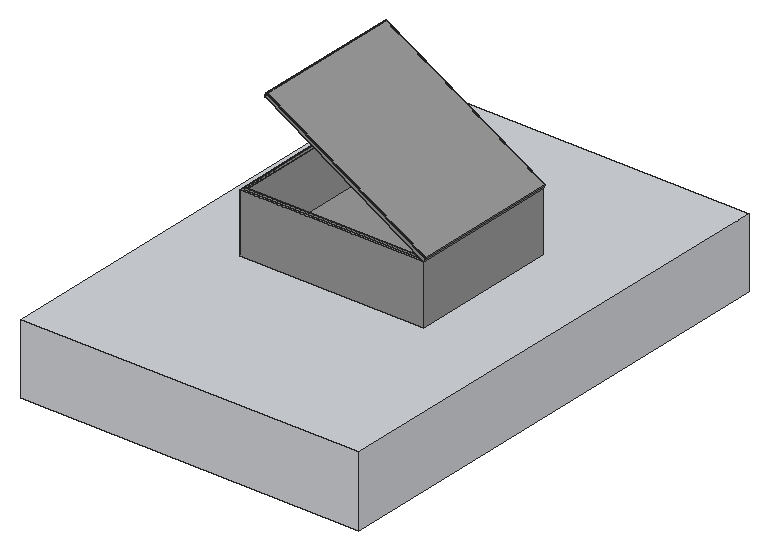
Revit family "Hager-Univers-IP55-D275-H650-Cl.II-Steel_encl-PL-en", category Equipement électrique, Revit 2020
Family settings
  Hôte = Face
  Configuration du panneau = Deux colonnes, circuits au sein
  Cote de connecteur circulaire = Utiliser le diamètre
  Type d'élément = Tableau de raccordement
  Couper avec des vides une fois chargée = Non
  Partagée = Non
  Point de calcul de pièce = Non
Parameters (values of type "Surface mounted (plaster) IP55 W800 H650 D275  - FR43S")
  Width Control [instance] = if([EF000008 - Width] > Min Width, [EF000008 - Width], Min Width)  # 800 mm
  Commentaires du type = [HG000003 - Range]  # "Univers"
  Thickness Door [instance] = if([EF009171 - Material plate thickness door/cover] > 3 mm, 3 mm, [EF009171 - Material plate thickness door/cover])  # 1.5 mm
  Seal Frame Offset [instance] = 17 mm  # constant formula
  Plinth Visibility [instance] = [HG000027 - Plinth height] > 0 mm  # no
  Model = ""
  Min Width [instance] = 100 mm  # constant formula
  Min Height [instance] = 100 mm  # constant formula
  Min Depth [instance] = (2 * [EF009170 - Material plate thickness cabinet]) + 1 mm  # 4 mm
  Internal Frame Depth [instance] = (Door System Depth * 0.5)  # 9 mm
  Height Control [instance] = if([EF000040 - Height] > Min Height, [EF000040 - Height], Min Height)  # 650 mm
  HG000027 - Plinth height = 0 mm
  HG000026 - Floor standing = no
  HG000024 - Bottom section height = 800 mm
  HG000023 - Double section enclosure = no
  HG000016 - Door 3d visibility [instance] = yes
  HG000015 - Clearance visibility [instance] = no
  HG000014 - Door on the right [instance] = yes
  HG000013 - Door on the left [instance] = not([HG000014 - Door on the right])  # no
  HG000012 - Door swing angle [instance] = 30.00°
  HG000010 - Asymmetric doors = no
  HG000009 - Double swing door = no
  HG000006 - Flush mounted = no
  HG000004 - Manufacturer reference = "FR43S"
  HG000003 - Range = "Univers"
  HG000002 - With door or cover = yes
  Frame Offset Bottom [instance] = 10 mm  # constant formula
  Frame Offset [instance] = 15 mm  # constant formula
  EF015940 - Cover with overpressure release = no
  EF011959 - Degree of protection (NEMA) = ""
  EF009554 - Number of openings for flange plates = 6
  EF009212 - Cover model = "EV000116 - Closed"
  EF009171 - Material plate thickness door/cover = 1.5 mm
  EF009170 - Material plate thickness cabinet = 1.5 mm
  Fabricant = "Hager"  # constant formula
  EF008873 - Nominal current (In) = 800 A
  EF007800 - Suitable for lightning protection = no
  EF006306 - With lock = no
  EF006244 - Transparent cover/door = no
  EF005474 - Degree of protection (IP) = "EV006420 - IP55"
  EF004464 - Type of door = "EV002646 - Single"
  EF004427 - Number of modules = 144
  EF004293 - Impact strength = "EV008784 - IK10"
  EF003532 - Suitable for outdoor use = no
  EF002950 - Width in number of modular spacings = 24
  EF001613 - Circuit integrity = "EV000494 - None"
  EF001596 - Material housing = "EV000179 - Steel"
  EF001131 - Internal depth = 275 mm
  EF001088 - Extension possible = yes
  EF000437 - Number of conduit inlets = 6
  EF000339 - Type of cover = "EV004216 - Door"
  EF000266 - Number of rows = 4
  EF000218 - Built-in depth = 0 mm
  EF000118 - With mounting plate = no
  EF000116 - RAL-number = "7035"
  EF000049 - Depth = 275 mm
  EF000040 - Height = 650 mm
  EF000008 - Width = 800 mm
  EF000007 - Colour = "EV000270 - Grey"
  EF000003 - Mounting method = "EV000384 - Surface mounted (plaster)"
  Door System Leaf Tolerance [instance] = 1.5 mm  # constant formula
  Door System Depth [instance] = 18 mm  # constant formula
  Door Height [instance] = Height Control - [HG000027 - Plinth height]  # 650 mm
  Depth Control [instance] = if([EF000049 - Depth] > Min Depth, [EF000049 - Depth], Min Depth)  # 275 mm
  Default Elevation = 0 mm
  Connector Offset [instance] = Height Control / 2  # 325 mm
  Bottom Top Plate Trim [instance] = 1.5 mm  # constant formula
  Plinth height Ctrl [instance] = if([HG000027 - Plinth height] > 0 mm, [HG000027 - Plinth height], 12 mm)  # 12 mm
Types (5, lengths in mm): name | Width Control | HG000010 - Asymmetric doors | HG000009 - Double swing door | HG000004 - Manufacturer reference | EF009554 - Number of openings for flange plates | EF004464 - Type of door | EF004427 - Number of modules | EF000437 - Number of conduit inlets | EF000008 - Width
  Surface mounted (plaster) IP55 W1050 H650 D275  - FR44S | 1050 | no | yes | "FR44S" | 8 | "EV003602 - Double" | 192 | 8 | 1050
  Surface mounted (plaster) IP55 W1300 H650 D275  - FR45S | 1300 | yes | yes | "FR45S" | 10 | "EV003602 - Double" | 240 | 10 | 1300
  Surface mounted (plaster) IP55 W300 H650 D275  - FR41S | 300 | no | no | "FR41S" | 2 | "EV002646 - Single" | 48 | 2 | 300
  Surface mounted (plaster) IP55 W550 H650 D275  - FR42S | 550 | no | no | "FR42S" | 4 | "EV002646 - Single" | 96 | 4 | 550
  Surface mounted (plaster) IP55 W800 H650 D275  - FR43S | 800 | no | no | "FR43S" | 6 | "EV002646 - Single" | 144 | 6 | 800
Reference planes
  plane 1 "Center (Front/Back)": y = 0
  plane 2: z = 0
  plane 3 "Center (Left/Right)": x = 0
  plane 4: z = 275
  plane 5: y = 1.5
  plane 6: y = 325
  plane 7: y = 0
  plane 8: y = 650
  plane 9: z = 0
  plane 10: x = -385
  plane 11: x = 385
  plane 12: x = 383.5
  plane 13: x = -383.5
  plane 14: y = 648.5
  plane 15: x = -383
  plane 16: x = -400
  plane 17: x = 383
  plane 18: x = 400
  plane 19: x = 398.5
  plane 20: x = -398.5
  plane 21: y = 11.5
  plane 22: y = 650
  plane 23: y = 633.5
  plane 24: z = 257
  plane 25: z = 1.5
  plane 26: z = 255.5
  plane 27: z = 273.5
Forms (mm)
  Extrusion 1, solid
    sketch origin (0, 0, 0) x (1, 0, 0) y (0, 1, 0)
      loop
        line (-702.964, 1305) -> (-702.964, -811.445) -> (766.763, -811.445) -> (766.763, 1305) -> (-702.964, 1305)
    from 0 to -304.8
  Extrusion 2, solid, material "Hager_Steel_RAL7035_Light_Grey", visible <- "Plinth Visibility", detail levels medium+fine
    sketch origin (0, 0, 0) x (1, 0, 0) y (0, 1, 0)
      loop
        line (-400, 0) -> (400, 0) -> (400, 12) -> (-400, 12) -> (-400, 0)
    from 0 to 257
  Extrusion 3, solid, material "Hager_Steel_RAL7035_Light_Grey", detail levels medium+fine
    sketch origin (0, 0, 0) x (1, 0, 0) y (0, 1, 0)
      loop
        line (-400, 0) -> (400, 0) -> (400, 650) -> (-400, 650) -> (-400, 0)
    from 0 to 257
  Extrusion 4, void
    sketch origin (0, 0, 0) x (1, 0, 0) y (0, 1, 0)
      loop
        line (-398.5, 1.5) -> (398.5, 1.5) -> (398.5, 648.5) -> (-398.5, 648.5) -> (-398.5, 1.5)
    from 1.5 to 255.5
  Extrusion 5, void
    sketch origin (-381.607, -4572, 257) x (0, -1, 0) y (-1, 0, 0)
      loop
        line (-4583.5, 1.893) -> (-5205.5, 1.893) -> (-5205.5, -765.107) -> (-4583.5, -765.107) -> (-4583.5, 1.893)
    from 0 to 1.5 <- "EF009170 - Material plate thickness cabinet"
  Extrusion 6, solid, material "Hager_Steel_RAL7035_Light_Grey", detail levels fine
    sketch origin (0, 0, 257) x (1, 0, 0) y (0, 1, 0)
      loop
        line (-383.5, 633.5) -> (-383.5, 11.5) -> (383.5, 11.5) -> (383.5, 633.5) -> (-383.5, 633.5)
      loop
        line (-385, 10) -> (385, 10) -> (385, 635) -> (-385, 635) -> (-385, 10)
    from 0 to 9 <- "Internal Frame Depth"
  Extrusion 7, solid, material "Hager_Steel_RAL7035_Light_Grey", detail levels coarse
    sketch origin (0, 0, 0) x (1, 0, 0) y (0, 1, 0)
      loop
        line (-400, 0) -> (400, 0) -> (400, 650) -> (-400, 650) -> (-400, 0)
    from 0 to 275
  Sweep 8, void
    path in 3D
      loop
        line (-400, 12, 0) -> (400, 12, 0) -> (400, 12, 257) -> (-400, 12, 257) -> (-400, 12, 0)
    profile origin (-400, 12, 128.5) x (-1, 0, 0) y (0, -1, 0)
      loop
        line (0, 0) -> (0, 1.5) -> (-1.5, 1.5)
        arc (-1.5, 1.5) -> (-1.061, 0.439) -> (0, 0) r 1.5
Cuts and joins
  Extrusion 4, Extrusion 5 cuts Extrusion 3
  Sweep 8 cuts Extrusion 2
Lines and regions (mm)
  Masking region 1
    outline origin (0, 0, 0) x (1, 0, 0) y (0, 0, 1)
      loop
        line (-400, 275) -> (-400, 0) -> (400, 0) -> (400, 275) -> (-400, 275)
  Masking region 2, detail levels medium+fine
    outline origin (0, 140, 0) x (0, 1, 0) y (0, 0, 1)
      loop
        line (-140, 0) -> (510, 0) -> (510, 257) -> (-140, 257) -> (-140, 0)
  Masking region 3, not visible, detail levels medium+fine
    outline origin (0, 297.922, 0) x (0, 1, 0) y (0, 0, 1)
      loop
        line (38.578, 0) -> (78.578, 0) -> (78.578, 263.5)
        arc (78.578, 263.5) -> (75.649, 270.571) -> (68.578, 273.5) r 10
        line (68.578, 273.5) -> (38.578, 273.5) -> (38.578, 0)
  Masking region 4, detail levels coarse
    outline origin (0, 0, 180) x (0, 1, 0) y (0, 0, 1)
      loop
        line (0, -180) -> (650, -180) -> (650, 95) -> (0, 95) -> (0, -180)
  Masking region 5, visible <- "Plinth Visibility", detail levels medium+fine
    outline origin (0, 52.24, 12.345) x (0, 0, -1) y (0, 1, 0)
      loop
        line (10.845, -40.24) -> (-243.155, -40.24)
        arc (-243.155, -40.24) -> (-243.594, -41.301) -> (-244.655, -41.74) r 1.5
        line (-244.655, -41.74) -> (-244.655, -52.24) -> (12.345, -52.24) -> (12.345, -41.74)
        arc (12.345, -41.74) -> (11.285, -41.301) -> (10.845, -40.24) r 1.5
  Masking region 6, detail levels medium+fine
    outline origin (-381.607, -4572, 257) x (-1, 0, 0) y (0, -1, 0)
      loop
        line (18.393, -5222) -> (18.393, -4572) -> (-781.607, -4572) -> (-781.607, -5222) -> (18.393, -5222)
  Masking region 7, visible <- "Plinth Visibility", detail levels medium+fine
    outline origin (-381.607, -4727, 257) x (-1, 0, 0) y (0, -1, 0)
      loop
        arc (16.893, -4739) -> (17.332, -4737.939) -> (18.393, -4737.5) r 1.5
        line (18.393, -4737.5) -> (18.393, -4727) -> (-781.607, -4727) -> (-781.607, -4737.5)
        arc (-781.607, -4737.5) -> (-780.546, -4737.939) -> (-780.107, -4739) r 1.5
        line (-780.107, -4739) -> (16.893, -4739)
  Masking region 8, detail levels coarse
    outline origin (-442.548, -4669.526, 257) x (-1, 0, 0) y (0, -1, 0)
      loop
        line (-42.548, -5319.526) -> (-42.548, -4669.526) -> (-842.548, -4669.526) -> (-842.548, -5319.526) -> (-42.548, -5319.526)
  sketch lines
    curve 1: line (-400, 12, 257) -> (-400, 12, 0)
    curve 2: line (400, 12, 257) -> (-400, 12, 257)
    curve 3: line (400, 12, 257) -> (400, 12, 0)
    curve 4: line (-400, 12, 0) -> (400, 12, 0)
Dimensions and locks
  "Depth Control": plane 4 to Extrusion 1
  "HG000027 - Plinth height": plane 1 "Center (Front/Back)" to plane 7
  "EF009170 - Material plate thickness cabinet": plane 5 to plane 7
  locked: connector elem to plane 3 "Center (Left/Right)"
  equal spacing: plane 8, plane 6, plane 7
  locked: connector elem to plane 6
  "EF009170 - Material plate thickness cabinet": plane 8 to plane 14
  "EF009170 - Material plate thickness cabinet": plane 10 to plane 13
  "EF009170 - Material plate thickness cabinet": plane 12 to plane 11
  "Frame Offset": plane 20 to plane 13
  "Frame Offset": plane 12 to plane 19
  "EF009170 - Material plate thickness cabinet": plane 16 to plane 20
  "EF009170 - Material plate thickness cabinet": plane 19 to plane 18
  "Seal Frame Offset": plane 16 to plane 15
  "Seal Frame Offset": plane 17 to plane 18
  "Frame Offset Bottom": plane 21 to plane 5
  "Frame Offset": plane 14 to plane 23
  equal spacing: plane 16, plane 3 "Center (Left/Right)", plane 18
  "Width Control": plane 16 to plane 18
  "EF009170 - Material plate thickness cabinet": plane 4 to plane 27
  "EF009170 - Material plate thickness cabinet": plane 24 to plane 26
  "EF009170 - Material plate thickness cabinet": plane 25 to level
  "Door System Depth": plane 4 to plane 24
  "Height Control": plane 1 "Center (Front/Back)" to Extrusion 7 sketch curve
  "Height Control": Masking region 4 sketch curve to plane 1 "Center (Front/Back)"
  "Height Control": plane 1 "Center (Front/Back)" to plane 22
  "Bottom Top Plate Trim": profile plane to Sweep 8 sketch curve
  "Bottom Top Plate Trim": Sweep 8 sketch curve to profile plane
  "Plinth height Ctrl": plane 1 "Center (Front/Back)" to Extrusion 2 sketch curve
  "Plinth height Ctrl": Masking region 5 sketch curve to plane 1 "Center (Front/Back)"
  "Plinth height Ctrl": plane 1 "Center (Front/Back)" to Masking region 7 sketch curve
  "Thickness Door": Extrusion 6 sketch curve to Extrusion 6 sketch curve  (x3)
  "Thickness Door": cut or joined group of Extrusion 3, Extrusion 4, Extrusion 5 to Extrusion 6 sketch curve
  radius of Masking region 3 sketch curve = 10 mm
  "Bottom Top Plate Trim": radius of Masking region 5 sketch curve  (x2)
  "Bottom Top Plate Trim": radius of Sweep 8 sketch curve
  "Bottom Top Plate Trim": radius of Masking region 7 sketch curve  (x2)
  aligned and locked: plane 2 to Extrusion 1
  aligned and locked: level to Extrusion 1
  aligned and locked: level to Masking region 1 sketch curve
  aligned and locked: Masking region 1 sketch curve to plane 18
  aligned and locked: Masking region 1 sketch curve to plane 16
  aligned and locked: plane 7 to Masking region 2 sketch curve
  aligned and locked: level to Masking region 3 sketch curve
  aligned and locked: Masking region 3 sketch curve to plane 27
  aligned and locked: level to Masking region 2 sketch curve
  aligned and locked: plane 1 "Center (Front/Back)" to Extrusion 2 sketch curve
  aligned and locked: Extrusion 3 sketch curve to plane 7
  aligned and locked: plane 16 to Extrusion 3 sketch curve
  aligned and locked: plane 18 to Extrusion 3 sketch curve
  aligned and locked: plane 20 to Extrusion 4 sketch curve
  aligned and locked: plane 19 to Extrusion 4 sketch curve
  aligned and locked: Extrusion 4 sketch curve to plane 5
  aligned and locked: Extrusion 4 to plane 25
  aligned and locked: plane 26 to Extrusion 4
  aligned and locked: plane 24 to Extrusion 3
  aligned and locked: Extrusion 5 sketch curve to plane 21
  aligned and locked: Extrusion 5 sketch curve to plane 13
  aligned and locked: Extrusion 5 sketch curve to plane 12
  aligned and locked: plane 18 to Extrusion 7 sketch curve
  aligned and locked: plane 1 "Center (Front/Back)" to Extrusion 7 sketch curve
  aligned and locked: plane 16 to Extrusion 7 sketch curve
  aligned and locked: plane 4 to Extrusion 7
  aligned and locked: Extrusion 7 to level
  aligned and locked: level to Masking region 4 sketch curve
  aligned and locked: Masking region 4 sketch curve to plane 1 "Center (Front/Back)"
  aligned and locked: Masking region 4 sketch curve to plane 4
  aligned and locked: nested 1 to level
  aligned and locked: nested 1 to plane 16
  aligned and locked: plane 8 to Extrusion 3 sketch curve
  aligned and locked: plane 23 to Extrusion 5 sketch curve
  aligned and locked: plane 14 to Extrusion 4 sketch curve
  aligned and locked: Masking region 2 sketch curve to plane 8
  aligned and locked: level to Masking region 5 sketch curve
  aligned and locked: plane 16 to Extrusion 2 sketch curve
  aligned and locked: plane 18 to Extrusion 2 sketch curve
  aligned and locked: Masking region 5 sketch curve to plane 24
  aligned and locked: Masking region 2 sketch curve to plane 24
  aligned and locked: plane 24 to Extrusion 2
  aligned and locked: profile plane to Sweep 8 sketch curve  (x2)
  aligned and locked: Masking region 6 sketch curve to plane 18
  aligned and locked: Masking region 6 sketch curve to plane 22
  aligned and locked: Masking region 6 sketch curve to plane 16
  aligned and locked: plane 8 to plane 22
  aligned and locked: Masking region 6 sketch curve to plane 7
  aligned and locked: Masking region 7 sketch curve to plane 16
  aligned and locked: Masking region 7 sketch curve to plane 1 "Center (Front/Back)"
  aligned and locked: Masking region 7 sketch curve to plane 18
  aligned and locked: Masking region 8 sketch curve to plane 1 "Center (Front/Back)"
  aligned and locked: Masking region 8 sketch curve to plane 18
  aligned and locked: Masking region 8 sketch curve to plane 22
  aligned and locked: Masking region 8 sketch curve to plane 16
  aligned and locked: nested 2 to plane 7
  aligned and locked: plane 3 "Center (Left/Right)" to nested 2
  aligned and locked: nested 2 to plane 24
  aligned and locked: Extrusion 6 sketch curve to cut or joined group of Extrusion 3, Extrusion 4, Extrusion 5  (x4)
Automatic sketch dimensions
  Extrusion 1 sketch curve to Extrusion 1 sketch curve = 1469.727 mm
  Extrusion 1 sketch curve to Extrusion 1 sketch curve = 2116.445 mm
  Masking region 1 sketch curve to plane 4 = 0 mm
  plane 6 to Masking region 3 sketch curve = 11.5 mm
  Masking region 3 sketch curve to Masking region 3 sketch curve = 30 mm
  Masking region 5 sketch curve to plane 1 "Center (Front/Back)" = 0 mm
Nested families
  nested 1: "Hager_Enclosure_Symbol" at (-400, 0, 0) x (1, 0, 0) z (0, -1, 0), Height <- "Depth Control", Width <- "Width Control", type "Hager_Enclosure_Symbol"
    with Width_Ctrl 800 mm, Width 800 mm, Height_Ctrl 275 mm, Height 275 mm, A_Width_Int 18.047 mm, A_Width 216.562 mm, A_Height_Ctrl 240.625 mm, A_Height 240.625 mm
  nested 2: "EC000058_Univers_Door" at (0, 0, 257) x (1, 0, 0) z (0, 1, 0), Leaf_Tolerance <- "Door System Leaf Tolerance", Angle <- "HG000012 - Door swing angle", Door_Depth <- "Door System Depth", Door_Left <- "HG000013 - Door on the left", Transparent <- "EF006244 - Transparent cover/door", Assymetrical <- "HG000010 - Asymmetric doors", Width <- "Width Control", Clearance <- "HG000015 - Clearance visibility", Double <- "HG000009 - Double swing door", 3d_Door <- "HG000016 - Door 3d visibility", Lock_Visibility <- "EF006306 - With lock", Width_Ctrl <- "Width Control", Door_Right <- "HG000014 - Door on the right", Door <- "HG000002 - With door or cover", Height <- "Door Height", Thickness <- "Thickness Door", type "EC000058_Univers_Door", detail levels medium+fine
    with min_wh 4 mm, Width_Ctrl 800 mm, Width 800 mm, Transparent no, Thickness 1.5 mm, Seal_Material Hager_Rubber, Lock_Visibility no, Lock_Material Hager_Plastic_RAL9005_Jet_Black, Leaf_Width 800 mm, Leaf_Tolerance_External_Sides 0 mm, Leaf_Tolerance 1.5 mm, Leaf_Offset 0 mm, Leaf_Height 647 mm, Leaf_2_Width 800 mm, Leaf_2_Offset 400 mm, Leaf_1_Width 800 mm, Leaf_1_Offset 400 mm, Height_Ctrl 650 mm, Height 650 mm, Glass_Material Hager_Glass, Double_Clearance_Ctrl no, Double no, Door_Right_Ctrl yes, Door_Right yes, Door_Material Hager_Steel_RAL7035_Light_Grey, Door_Left_Ctrl no, Door_Left no, Door_Depth 18 mm, Door yes, Clearance_Material Hager_Clearance, Clearance_Depth 800 mm, Clearance_Ctrl no, Clearance no, Assymetrical no, Angle 30.00°, 3d_Door yes
Connectors
  electrical at (0, 325, 0)
    settings: on plane 9, index 1, voltage 0 V, apparent load 0 VA, apparent load phase1 0 VA, apparent load phase2 0 VA, apparent load phase3 0 VA, power factor 1, load classification "Other", number of poles 1, system type 30, power factor state 1, is connector primary yes, connector utility no, sub classification motor no, connector description ""
Definition of nested family "EC000058_Univers_Door"
  Parameters (values of type "EC000058_Univers_Door")
    min_wh [instance] = (2 * Thickness) + 1 mm  # 11 mm
    Width_Ctrl [instance] = 400 mm
    Width [instance] = 500 mm
    Transparent [instance] = yes
    Thickness [instance] = 5 mm
    Seal_Material [instance] = none
    Lock_Visibility [instance] = yes
    Lock_Material [instance] = none
    Leaf_Width [instance] = if((Width_Ctrl - 2 * Leaf_Tolerance_External_Sides) > 0 mm, (Width_Ctrl - 2 * Leaf_Tolerance_External_Sides), min_wh)  # 400 mm
    Leaf_Tolerance_External_Sides [instance] = 0 mm  # constant formula
    Leaf_Tolerance [instance] = 1.5 mm
    Leaf_Offset [instance] = 0 mm  # constant formula
    Leaf_Height [instance] = if((Height_Ctrl - 2 * Leaf_Tolerance) > 0 mm, (Height_Ctrl - 2 * Leaf_Tolerance), min_wh)  # 497 mm
    Leaf_2_Width [instance] = if(and(and(Double, Assymetrical), Door_Left), (Leaf_Width / 3) - (Leaf_Tolerance / 2), if(and(and(Double, Assymetrical), Door_Right), (Leaf_Width / 3) * 2 - (Leaf_Tolerance / 2), if(and(Double, not(Assymetrical)), (Leaf_Width / 2) - Leaf_Tolerance, Leaf_Width)))  # 400 mm
    Leaf_2_Offset [instance] = if(and(Double, Assymetrical), Leaf_2_Width / 2, if(and(Double, not(Assymetrical)), Leaf_Width / 4, Leaf_Width / 2))  # 200 mm
    Leaf_1_Width [instance] = if(and(and(Double, Assymetrical), Door_Right), (Leaf_Width / 3) - (Leaf_Tolerance / 2), if(and(and(Double, Assymetrical), Door_Left), (Width / 3) * 2 - (Leaf_Tolerance / 2), if(and(Double, not(Assymetrical)), (Leaf_Width / 2) - Leaf_Tolerance, Leaf_Width)))  # 400 mm
    Leaf_1_Offset [instance] = if(and(Double, Assymetrical), Leaf_1_Width / 2, if(and(Double, not(Assymetrical)), Leaf_Width / 4, Leaf_Width / 2))  # 200 mm
    Height_Ctrl [instance] = if(Height > min_wh, Height, min_wh)  # 500 mm
    Height [instance] = 500 mm
    Glass_Material [instance] = none
    Double_Clearance_Ctrl [instance] = and(Double, Clearance)  # no
    Double [instance] = no
    Door_Right_Ctrl [instance] = and(or(Door_Right, Double), Door)  # yes
    Door_Right [instance] = yes
    Door_Material [instance] = none
    Door_Left_Ctrl [instance] = and(or(Door_Left, Double), Door)  # no
    Door_Left [instance] = no
    Door_Depth [instance] = 30 mm
    Door [instance] = yes
    Default Elevation = 1219.2 mm
    Clearance_Material [instance] = none
    Clearance_Depth [instance] = if(Leaf_1_Width > Leaf_2_Width, Leaf_1_Width, Leaf_2_Width)  # 400 mm
    Clearance_Ctrl [instance] = and(not(Double), Clearance)  # yes
    Clearance [instance] = yes
    Assymetrical [instance] = yes
    Angle [instance] = 30.00°
    3d_Door [instance] = yes
  Reference planes
    plane 1 "Center (Front/Back)": y = 0
    plane 2 "Bottom": z = 0
    plane 3 "Center (Left/Right)": x = 0
    plane 4: z = 500
    plane 5: x = -200
    plane 6: x = 200
    plane 7: z = 500
    plane 8: x = -200
    plane 9: z = 0
    plane 10: x = 200
    plane 11: y = 0
    plane 12: z = 1.5
    plane 13: x = -600
    plane 14: y = -400
    plane 15: x = 600
    plane 16: x = 0
    plane 17: x = 0
    plane 18: x = -200
    plane 19: x = 200
    plane 20: z = 498.5
  Forms (mm)
    Extrusion 1, solid, material <- "Clearance_Material", visible <- "Double_Clearance_Ctrl"
      sketch origin (1200, 0, 0) x (1, 0, 0) y (0, 0, -1)
        loop
          line (-1800, -498.5) -> (-600, -498.5) -> (-600, 0) -> (-1800, 0) -> (-1800, -498.5)
      from 0 to -400
  Dimensions and locks
    equal spacing: plane 5, plane 3 "Center (Left/Right)", plane 6
    "Width_Ctrl": plane 5 to plane 6
    "Leaf_Offset": plane 5 to plane 8
    "Leaf_Offset": plane 6 to plane 10
    "Leaf_Offset": plane 9 to level
    "Leaf_Offset": plane 4 to plane 7
    "Height_Ctrl": plane 4 to level
    "Leaf_Tolerance": plane 12 to plane 9
    locked: plane 11 to plane 1 "Center (Front/Back)"
    "Leaf_1_Offset": plane 18 to plane 16
    "Leaf_2_Offset": plane 17 to plane 19
    "Leaf_1_Width": plane 13 to plane 8
    "Leaf_2_Width": plane 10 to plane 15
    "Clearance_Depth": plane 14 to plane 1 "Center (Front/Back)"
    "Leaf_Tolerance_External_Sides": plane 8 to plane 18
    "Leaf_Tolerance_External_Sides": plane 19 to plane 10
    "Leaf_Tolerance": plane 7 to plane 20
    aligned and locked: level to plane 2 "Bottom"
    aligned and locked: nested 1 to plane 16
    aligned and locked: nested 2 to plane 17
    aligned and locked: Extrusion 1 to plane 13
    aligned and locked: plane 15 to Extrusion 1
    aligned and locked: Extrusion 1 to plane 14
    aligned and locked: plane 12 to nested 1
    aligned and locked: nested 2 to plane 12
    aligned and locked: Extrusion 1 to plane 11
    aligned and locked: plane 20 to Extrusion 1
    aligned and locked: nested 2 to plane 11
    aligned and locked: nested 1 to plane 11
  Automatic sketch dimensions
    Extrusion 1 sketch curve to level = 0 mm
    plane 5 to Extrusion 1 sketch curve = 400 mm
    plane 6 to Extrusion 1 sketch curve = 400 mm
    Extrusion 1 sketch curve to plane 4 = 1.5 mm
  Nested families
    nested 1: "EC000058_Univers_Door_Leaf" at (0, 0, 1.5), Width <- "Leaf_1_Width", visible <- "Door_Left_Ctrl", Leaf_Height <- "Leaf_Height", Angle <- "Angle", 3d_Door <- "3d_Door", Transparent <- "Transparent", Clearance Material <- "Clearance_Material", Clearance <- "Clearance_Ctrl", Door_Material <- "Door_Material", Glass_Material <- "Glass_Material", Door_Depth <- "Door_Depth", Lock_Material <- "Lock_Material", Seal_Material <- "Seal_Material", Lock_Visibility <- "Lock_Visibility", Thickness <- "Thickness", type "EC000058_Univers_Door_Leaf"
      with Width 400 mm, Transparent_Glass_Offset 30 mm, Transparent_Ctrl yes, Transparent yes, Thickness 5 mm, Standard no, Seal_Material none, Seal_D2 8 mm, Seal_D1 1 mm, Offset_Internal_Frame 10 mm, Lock_Width 20 mm, Lock_Visibility_3d yes, Lock_Visibility yes, Lock_Thickness_3 3 mm, Lock_Thickness_2 1 mm, Lock_Thickness_1 3 mm, Lock_Radius_Offset_2 16 mm, Lock_Radius_Offset_1 15 mm, Lock_Radius_2 5 mm, Lock_Radius 6 mm, Lock_Offset 5 mm, Lock_Material none, Lock_Height 80 mm, Lock_Cover_Top_Offset_2d 17 mm, Lock_Cover_Height -65 mm, Leaf_Height 497 mm, Internal_Seal_Thickness 8 mm, Internal_Seal_Depth_2 4.5 mm, Internal_Frame_Depth 25 mm, Glass_Thickness -1 mm, Glass_Offset -2 mm, Glass_Material none, Door_Material none, Door_Depth 30 mm, Clearance Material none, Clearance yes, Angle_Ctrl 30.00°, Angle 30.00°, 3d_Door yes
    nested 2: "EC000058_Univers_Door_Leaf" at (0, 0, 1.5) x (-1, 0, 0) z (0, 0, 1), Width <- "Leaf_2_Width", visible <- "Door_Right_Ctrl", Leaf_Height <- "Leaf_Height", Angle <- "Angle", 3d_Door <- "3d_Door", Transparent <- "Transparent", Clearance Material <- "Clearance_Material", Clearance <- "Clearance_Ctrl", Door_Material <- "Door_Material", Glass_Material <- "Glass_Material", Door_Depth <- "Door_Depth", Lock_Material <- "Lock_Material", Seal_Material <- "Seal_Material", Lock_Visibility <- "Lock_Visibility", Thickness <- "Thickness", type "EC000058_Univers_Door_Leaf"
      with Width 400 mm, Transparent_Glass_Offset 30 mm, Transparent_Ctrl yes, Transparent yes, Thickness 5 mm, Standard no, Seal_Material none, Seal_D2 8 mm, Seal_D1 1 mm, Offset_Internal_Frame 10 mm, Lock_Width 20 mm, Lock_Visibility_3d yes, Lock_Visibility yes, Lock_Thickness_3 3 mm, Lock_Thickness_2 1 mm, Lock_Thickness_1 3 mm, Lock_Radius_Offset_2 16 mm, Lock_Radius_Offset_1 15 mm, Lock_Radius_2 5 mm, Lock_Radius 6 mm, Lock_Offset 5 mm, Lock_Material none, Lock_Height 80 mm, Lock_Cover_Top_Offset_2d 17 mm, Lock_Cover_Height -65 mm, Leaf_Height 497 mm, Internal_Seal_Thickness 8 mm, Internal_Seal_Depth_2 4.5 mm, Internal_Frame_Depth 25 mm, Glass_Thickness -1 mm, Glass_Offset -2 mm, Glass_Material none, Door_Material none, Door_Depth 30 mm, Clearance Material none, Clearance yes, Angle_Ctrl 30.00°, Angle 30.00°, 3d_Door yes
  Definition of nested family "EC000058_Univers_Door_Leaf"
    Parameters (values of type "EC000058_Univers_Door_Leaf")
      Width [instance] = 2000 mm
      Transparent_Glass_Offset [instance] = 30 mm
      Transparent_Ctrl [instance] = and(Transparent, [3d_Door])  # yes
      Transparent [instance] = yes
      Thickness [instance] = 5 mm
      Standard [instance] = and(not(Transparent), [3d_Door])  # no
      Seal_Material [instance] = none
      Seal_D2 [instance] = 8 mm  # constant formula
      Seal_D1 [instance] = 1 mm  # constant formula
      Offset_Internal_Frame [instance] = 10 mm  # constant formula
      Lock_Width [instance] = 20 mm  # constant formula
      Lock_Visibility_3d [instance] = and(Lock_Visibility, [3d_Door])  # yes
      Lock_Visibility [instance] = yes
      Lock_Thickness_3 [instance] = 3 mm  # constant formula
      Lock_Thickness_2 [instance] = 1 mm  # constant formula
      Lock_Thickness_1 [instance] = 3 mm  # constant formula
      Lock_Radius_Offset_2 [instance] = Lock_Radius_Offset_1 + 1 mm  # 16 mm
      Lock_Radius_Offset_1 [instance] = 15 mm  # constant formula
      Lock_Radius_2 [instance] = Lock_Radius - 1 mm  # 5 mm
      Lock_Radius [instance] = 6 mm  # constant formula
      Lock_Offset [instance] = 5 mm  # constant formula
      Lock_Material [instance] = none
      Lock_Height [instance] = 80 mm  # constant formula
      Lock_Cover_Top_Offset_2d [instance] = Lock_Radius_Offset_2 + 1 mm  # 17 mm
      Lock_Cover_Height [instance] = -(Lock_Height - Lock_Radius_Offset_1)  # -65 mm
      Leaf_Height [instance] = 2720.336 mm
      Internal_Seal_Thickness [instance] = 8 mm  # constant formula
      Internal_Seal_Depth_2 [instance] = 4.5 mm  # constant formula
      Internal_Frame_Depth [instance] = if(Door_Depth - Thickness > 5 mm, Door_Depth - Thickness, 5 mm)  # 25 mm
      Glass_Thickness [instance] = if(Thickness > 15 mm, Glass_Offset + 10 mm, -1 mm)  # -1 mm
      Glass_Offset [instance] = if(Thickness > 15 mm, -(Thickness + 10 mm) / 2, -2 mm)  # -2 mm
      Glass_Material [instance] = none
      Door_Material [instance] = none
      Door_Depth [instance] = 30 mm
      Default Elevation = 0 mm
      Clearance Material [instance] = none
      Clearance [instance] = yes
      Angle_Ctrl [instance] = if(Angle > 180.00°, 180.00°, Angle)  # 90.00°
      Angle [instance] = 90.00°
      3d_Door [instance] = yes
    Reference planes
      plane 1 "Center (Front/Back)": y = 0
      plane 2: z = 0
      plane 3 "Center (Left/Right)": x = 0
      plane 4: y = 2000
      plane 5: x = -1000
      plane 6: x = 1000
      plane 7: x = -3000
      plane 8: z = 2720.336
      plane 9: z = 30
      plane 10: z = 2690.336
      plane 11: x = 970
      plane 12: x = -970
      plane 13: y = -3
      plane 14: z = 107.833
      plane 15: y = -5
      plane 16: y = -223.314
      plane 17: x = -1000
      plane 18: z = 1360.168
      plane 19: y = 30
    Forms (mm)
      Extrusion 1, solid, material <- "Clearance Material", visible <- "Clearance"
        sketch origin (0, 0, 0) x (1, 0, 0) y (0, 0, 1)
          loop
            line (-3000, 2720.336) -> (-3000, 0) -> (1000, 0) -> (1000, 2720.336) -> (-3000, 2720.336)
        from 0 to -2000
      Extrusion 2, solid, material <- "Door_Material", visible <- "Standard", detail levels medium+fine
        sketch origin (-1000, 0, 0) x (0, 1, 0) y (-1, 0, 0)
          loop
            line (0, 30) -> (0, 25) -> (2000, 25) -> (2000, 30) -> (0, 30)
        from 0 to 2720.336 <- "Leaf_Height"
      Extrusion 3, solid, material <- "Door_Material", visible <- "Transparent_Ctrl", detail levels medium+fine
        sketch origin (-1000, 0, 0) x (0, 1, 0) y (-1, 0, 0)
          loop
            line (0, 25) -> (2000, 25) -> (2000, 30) -> (0, 30) -> (0, 25)
        from 0 to 2720.336 <- "Leaf_Height"
      Extrusion 4, void
        sketch origin (-1025, 2000, 0) x (0, 1, 0) y (0, 0, -1)
          loop
            line (-30, -2690.336) -> (-30, -30) -> (-1970, -30) -> (-1970, -2690.336) -> (-30, -2690.336)
        from 0 to 5 <- "Thickness"
      Sweep 5, solid, material <- "Seal_Material", visible <- "Transparent_Ctrl", detail levels fine
        path in 3D
          loop
            line (-1025, 30, 30) -> (-1025, 30, 2690.336) -> (-1025, 1970, 2690.336) -> (-1025, 1970, 30) -> (-1025, 30, 30)
        profile origin (-1025, 1000, 30) x (1, 0, 0) y (0, 0, 1)
          loop
            line (0, 0) -> (0, -8) -> (1, -8) -> (1, 0) -> (0, 0)
      Extrusion 6, solid, material <- "Glass_Material", visible <- "Transparent_Ctrl", detail levels medium+fine
        sketch origin (-1030, 0, 0) x (0, 1, 0) y (0, 0, -1)
          loop
            line (1970, -2690.336) -> (1970, -30) -> (30, -30) -> (30, -2690.336) -> (1970, -2690.336)
        from -2 <- "Glass_Offset" to -1 <- "Glass_Thickness"
      Extrusion 7, solid, material <- "Door_Material", visible <- "3d_Door", detail levels medium+fine
        sketch origin (-1025, 2000, 0) x (0, -1, 0) y (0, 0, -1)
          loop
            line (0, -2720.336) -> (2000, -2720.336) -> (2000, 0) -> (0, 0) -> (0, -2720.336)
          loop
            line (1995, -5) -> (5, -5) -> (5, -2715.336) -> (1995, -2715.336) -> (1995, -5)
        from 0 to 25 <- "Internal_Frame_Depth"
      Sweep 8, solid, material <- "Seal_Material", visible <- "Transparent_Ctrl", detail levels fine
        path in 3D
          loop
            line (-1025, 0, 0) -> (-1025, 2000, 0) -> (-1025, 2000, 2720.336) -> (-1025, 0, 2720.336) -> (-1025, 0, 0)
        profile origin (-1025, 0, 1360.168) x (1, 0, 0) y (0, 1, 0)
          loop
            line (0, 10) -> (2.975, 10)
            arc (2.975, 10) -> (4.053, 10.447) -> (4.5, 11.525) r 1.525
            line (4.5, 11.525) -> (4.5, 16.527)
            arc (4.5, 16.527) -> (4.069, 17.569) -> (3.027, 18) r 1.473
            line (3.027, 18) -> (0, 18) -> (0, 10)
      Extrusion 9, solid, material <- "Lock_Material", visible <- "Lock_Visibility_3d", detail levels fine
        sketch origin (-1030, 0, 0) x (0, 1, 0) y (0, 0, -1)
          loop
            arc (1993.5, -1400.168) -> (1994.561, -1399.729) -> (1995, -1398.668) r 1.5
            line (1995, -1398.668) -> (1995, -1320.168) -> (1975, -1320.168) -> (1975, -1398.668)
            arc (1975, -1398.668) -> (1975.439, -1399.729) -> (1976.5, -1400.168) r 1.5
            line (1976.5, -1400.168) -> (1993.5, -1400.168)
        from 3 <- "Lock_Thickness_1" to 0
      Blend 10, solid, material <- "Lock_Material", visible <- "Lock_Visibility_3d", detail levels fine
        base sketch origin (-1033, 0, 0) x (0, 1, 0) y (0, 0, -1)
          loop
            line (1975, -1320.168) -> (1975, -1398.668)
            arc (1975, -1398.668) -> (1975.439, -1399.729) -> (1976.5, -1400.168) r 1.5
            line (1976.5, -1400.168) -> (1993.5, -1400.168)
            arc (1993.5, -1400.168) -> (1994.561, -1399.729) -> (1995, -1398.668) r 1.5
            line (1995, -1398.668) -> (1995, -1320.168) -> (1975, -1320.168)
        top sketch origin (-1033, 0, 0) x (0, 1, 0) y (0, 0, -1)
          loop
            line (1976, -1320.168) -> (1976, -1398.668)
            arc (1976, -1398.668) -> (1976.146, -1399.022) -> (1976.5, -1399.168) r 0.5
            line (1976.5, -1399.168) -> (1993.5, -1399.168)
            arc (1993.5, -1399.168) -> (1993.854, -1399.022) -> (1994, -1398.668) r 0.5
            line (1994, -1398.668) -> (1994, -1320.168) -> (1976, -1320.168)
        from 0 to 1 <- "Lock_Thickness_2"
      Blend 11, solid, material <- "Lock_Material", visible <- "Lock_Visibility_3d", detail levels fine
        base sketch origin (-1034, 0, 0) x (0, 1, 0) y (0, 0, -1)
          loop
            line (1978, -1320.168) -> (1978, -1384.168)
            arc (1978, -1384.168) -> (1985, -1391.168) -> (1992, -1384.168) r 7
            line (1992, -1384.168) -> (1992, -1320.168) -> (1978, -1320.168)
        top sketch origin (-1034, 0, 0) x (0, 1, 0) y (0, 0, -1)
          loop
            line (1991, -1320.168) -> (1979, -1320.168) -> (1979, -1383.168)
            arc (1979, -1383.168) -> (1985, -1389.168) -> (1991, -1383.168) r 6
            line (1991, -1383.168) -> (1991, -1320.168)
        from 0 to 3 <- "Lock_Thickness_3"
      Extrusion 12, solid, material <- "Lock_Material", visible <- "Lock_Visibility_3d", detail levels fine
        sketch origin (-1030, 1975, 1320.168) x (1, 0, 0) y (0, -1, 0)
          loop
            line (-7, -19) -> (-7, -1) -> (0, -1) -> (0, 0) -> (-8, 0) -> (-8, -20) -> (0, -20) -> (0, -19) -> (-7, -19)
        from 0 to -65 <- "Lock_Cover_Height"
      Extrusion 13, void
        sketch origin (-1038, 1995, 1320.168) x (-1, 0, 0) y (0, 0, -1)
          loop
            line (-5, -65) -> (0, -65) -> (-5, -60) -> (-5, -65)
        from 0 to 20 <- "Lock_Width"
      Extrusion 14, void
        sketch origin (-1038, 1975, 1320.168) x (0, -1, 0) y (0, 0, -1)
          loop
            circle (-10, -15.995) r 6
          loop
            circle (-10, -15.995) r 5
        from 0 to 2
      Extrusion 15, solid, material <- "Lock_Material", visible <- "Lock_Visibility_3d", detail levels medium
        sketch origin (-1030, 0, 0) x (0, 1, 0) y (0, 0, -1)
          loop
            arc (1993.5, -1400.168) -> (1994.561, -1399.729) -> (1995, -1398.668) r 1.5
            line (1995, -1398.668) -> (1995, -1320.168) -> (1975, -1320.168) -> (1975, -1398.668)
            arc (1975, -1398.668) -> (1975.439, -1399.729) -> (1976.5, -1400.168) r 1.5
            line (1976.5, -1400.168) -> (1993.5, -1400.168)
        from 8 to 0
    Cuts and joins
      Extrusion 4 cuts Extrusion 3
      Extrusion 13, Extrusion 14 cuts Extrusion 9
      Extrusion 14 cuts Blend 11
      Extrusion 13, Extrusion 14 cuts Extrusion 12
      joined: Extrusion 9, Blend 10, Blend 11, Extrusion 12
      Extrusion 14 cuts Extrusion 15
    Lines and regions (mm)
      Masking region 1, visible <- "Lock_Visibility", detail levels fine
        outline origin (0, 0, 0) x (0, 1, 0) y (0, 0, 1)
          loop
            line (30, 1320.168) -> (33, 1320.168) -> (33, 1400.168) -> (30, 1400.168) -> (30, 1320.168)
      Masking region 2, visible <- "Lock_Visibility", detail levels fine
        outline origin (0, 3.143, 0) x (0, 1, 0) y (0, 0, 1)
          loop
            line (29.857, 1354.168) -> (30.857, 1354.168) -> (30.857, 1366.168) -> (29.857, 1366.168) -> (29.857, 1354.168)
      Masking region 3, detail levels medium+fine
        outline origin (0, 0, 0) x (0, 1, 0) y (0, 0, 1)
          loop
            line (0, 0) -> (30, 0) -> (30, 2720.336) -> (0, 2720.336) -> (0, 0)
      Masking region 4, detail levels medium+fine
        outline origin (0, 0, 0) x (1, 0, 0) y (0, 0, 1)
          loop
            line (-1000, 2720.336) -> (-1000, 0) -> (1000, 0) -> (1000, 2720.336) -> (-1000, 2720.336)
      Masking region 5, visible <- "Lock_Visibility", detail levels fine
        outline origin (-47.116, 0, 0) x (1, 0, 0) y (0, 0, 1)
          loop
            arc (1024.616, 1399.168) -> (1023.556, 1398.729) -> (1023.116, 1397.668) r 1.5
            line (1023.116, 1397.668) -> (1023.116, 1320.168) -> (1041.116, 1320.168) -> (1041.116, 1397.668)
            arc (1041.116, 1397.668) -> (1040.677, 1398.729) -> (1039.616, 1399.168) r 1.5
            line (1039.616, 1399.168) -> (1024.616, 1399.168)
      Masking region 6, visible <- "Lock_Visibility", detail levels medium+fine
        outline origin (-25, 0, 0) x (1, 0, 0) y (0, 0, 1)
          loop
            arc (1001.5, 1400.168) -> (1000.439, 1399.729) -> (1000, 1398.668) r 1.5
            line (1000, 1398.668) -> (1000, 1320.168) -> (1020, 1320.168) -> (1020, 1398.668)
            arc (1020, 1398.668) -> (1019.561, 1399.729) -> (1018.5, 1400.168) r 1.5
            line (1018.5, 1400.168) -> (1001.5, 1400.168)
      Masking region 7, visible <- "Lock_Visibility", detail levels fine
        outline origin (-73.735, 0, 0) x (1, 0, 0) y (0, 0, 1)
          loop
            line (1051.735, 1382.168) -> (1065.735, 1382.168) -> (1065.735, 1384.168)
            arc (1065.735, 1384.168) -> (1058.735, 1391.168) -> (1051.735, 1384.168) r 7
            line (1051.735, 1384.168) -> (1051.735, 1382.168)
      Masking region 8, visible <- "Lock_Visibility", detail levels fine
        outline origin (-73.735, 0, 0) x (1, 0, 0) y (0, 0, 1)
          loop
            line (1052.735, 1382.168) -> (1064.735, 1382.168) -> (1064.735, 1383.168)
            arc (1064.735, 1383.168) -> (1058.735, 1389.168) -> (1052.735, 1383.168) r 6
            line (1052.735, 1383.168) -> (1052.735, 1382.168)
      Masking region 9, visible <- "Lock_Visibility", detail levels fine
        outline origin (-25, 0, 0) x (1, 0, 0) y (0, 0, 1)
          loop
            line (1020, 1320.168) -> (1020, 1382.168) -> (1000, 1382.168) -> (1000, 1320.168) -> (1020, 1320.168)
      Masking region 10, detail levels medium+fine
        outline origin (0, 0, 0) x (1, 0, 0) y (0, 0, 1)
          loop
            circle (985, 1335.144) r 6
      Masking region 11, detail levels fine
        outline origin (0, 0, 0) x (1, 0, 0) y (0, 0, 1)
          loop
            circle (985, 1335.144) r 5
      Masking region 12, visible <- "Lock_Visibility", detail levels fine
        outline origin (0, 12.767, 0) x (0, 1, 0) y (0, 0, 1)
          loop
            line (20.233, 1320.168) -> (21.233, 1320.168) -> (21.233, 1399.168) -> (20.233, 1400.168) -> (20.233, 1320.168)
      Masking region 13, visible <- "Lock_Visibility", detail levels fine
        outline origin (0, 13.767, -10) x (0, 1, 0) y (0, 0, 1)
          loop
            line (20.233, 1330.168) -> (23.233, 1330.168) -> (23.233, 1399.168) -> (20.233, 1402.168) -> (20.233, 1330.168)
      Masking region 14, visible <- "Lock_Visibility", detail levels fine
        outline origin (0, 12.767, -10) x (0, 1, 0) y (0, 0, 1)
          loop
            line (20.233, 1330.168) -> (25.233, 1330.168) -> (25.233, 1399.305) -> (20.233, 1394.305) -> (20.233, 1330.168)
      Masking region 15, visible <- "Lock_Visibility", detail levels medium
        outline origin (0, 0, 0) x (0, 1, 0) y (0, 0, 1)
          loop
            line (30, 1320.168) -> (38, 1320.168) -> (38, 1400.168) -> (30, 1400.168) -> (30, 1320.168)
      Masking region 16, visible <- "Lock_Visibility", detail levels fine
        outline origin (-1000, 0, 0) x (0, 1, 0) y (-1, 0, 0)
          loop
            line (1975, 30) -> (1995, 30) -> (1995, 38) -> (1975, 38) -> (1975, 30)
          loop
            line (1979, 37) -> (1976, 37) -> (1976, 34) -> (1978, 34) -> (1979, 37)
          loop
            line (1994, 37) -> (1991, 37) -> (1992, 34) -> (1994, 34) -> (1994, 37)
      Masking region 17, visible <- "Lock_Visibility", detail levels medium
        outline origin (-1000, 0, 0) x (0, 1, 0) y (-1, 0, 0)
          loop
            line (1975, 30) -> (1995, 30) -> (1995, 38) -> (1975, 38) -> (1975, 30)
      symbolic lines
        curve 1: line (1000, 0, 0) -> (-3000, 0, 0)
        curve 2: arc (1000, 0, 0) -> (-1000, 2000, 0) -> (-3000, 0, 0) r 2000
        curve 4: line (-1030, 0, 0) -> (-1030, 2000, 0)
      reference lines
        curve 3: line (-1000, 0, 0) -> (-1000, 2000, 0)
      symbolic lines, detail levels medium+fine
        curve 5: line (-1030, 2000, 0) -> (-1025, 2000, 0)
        curve 7: line (-1025, 0, 0) -> (-1030, 0, 0)
        curve 8: line (-1025, 0, 0) -> (-1000, 0, 0)
        curve 9: line (-1000, 0, 0) -> (-1000, 2000, 0)
        curve 10: line (-1000, 2000, 0) -> (-1025, 2000, 0)
      symbolic lines, detail levels fine
        curve 6: line (-1025, 2000, 0) -> (-1025, 0, 0)
      sketch lines
        curve 11: line (-1025, 0, 2720.336) -> (-1025, 0, 0)
        curve 12: line (-1025, 2000, 0) -> (-1025, 0, 0)
        curve 13: line (-1025, 2000, 2720.336) -> (-1025, 2000, 0)
        curve 14: line (-1025, 0, 2720.336) -> (-1025, 2000, 2720.336)
        curve 15: line (-1025, 1970, 30) -> (-1025, 30, 30)
        curve 16: line (-1025, 30, 30) -> (-1025, 30, 2690.336)
        curve 17: line (-1025, 1970, 2690.336) -> (-1025, 1970, 30)
        curve 18: line (-1025, 30, 2690.336) -> (-1025, 1970, 2690.336)
      symbolic lines, visible <- "Transparent", detail levels medium+fine
        curve 19: line (-970, 0, 2690.336) -> (970, 0, 2690.336)
        curve 20: line (-970, 0, 30) -> (-970, 0, 2690.336)
        curve 21: line (970, 0, 30) -> (-970, 0, 30)
        curve 22: line (970, 0, 2690.336) -> (970, 0, 30)
    Dimensions and locks
      "Width": plane 1 "Center (Front/Back)" to plane 4
      equal spacing: plane 5, plane 3 "Center (Left/Right)", plane 6
      "Width": plane 5 to plane 6
      "Width": plane 7 to plane 5
      "Leaf_Height": plane 8 to level
      "Width": curve 5 to curve 3
      "Width": curve 3 to curve 3
      plane 8 to plane 10 = 30 mm
      plane 9 to level = 30 mm
      plane 12 to plane 5 = 30 mm
      plane 6 to plane 11 = 30 mm
      Extrusion 1 to Extrusion 4 sketch curve = 30 mm
      "Transparent_Glass_Offset": curve 3 to Extrusion 4 sketch curve
      "Transparent_Glass_Offset": Extrusion 4 sketch curve to cut or joined group of Extrusion 3, Extrusion 4  (x2)
      cut or joined group of Extrusion 3, Extrusion 4 to Extrusion 6 sketch curve = 30 mm
      "Transparent_Glass_Offset": cut or joined group of Extrusion 3, Extrusion 4 to Extrusion 4 sketch curve
      "Thickness": curve 6 to curve 4
      "Thickness": Extrusion 7 sketch curve to Extrusion 7 sketch curve  (x4)
      "Door_Depth": curve 4 to curve 3
      "Offset_Internal_Frame": profile plane to Sweep 8 sketch curve
      "Internal_Seal_Thickness": Sweep 8 sketch curve to Sweep 8 sketch curve
      "Internal_Seal_Depth_2": profile plane to Sweep 8 sketch curve
      "Seal_D1": profile plane to Sweep 5 sketch curve
      "Seal_D2": profile plane to Sweep 5 sketch curve
      "Thickness": Extrusion 2 sketch curve to Extrusion 2 sketch curve
      equal spacing: Extrusion 9 sketch curve, plane 18, Extrusion 9 sketch curve  (x2)
      equal spacing: Masking region 1 sketch curve, plane 18, Masking region 1 sketch curve
      "Lock_Height": Masking region 1 sketch curve to Masking region 1 sketch curve
      "Lock_Radius": Masking region 2 sketch curve to plane 18 to Masking region 2 sketch curve
      Masking region 2 sketch curve to Masking region 1 = 1 mm
      "Door_Depth": plane 19 to plane 1 "Center (Front/Back)"
      "Lock_Thickness_1": Masking region 1 sketch curve to plane 19
      "Lock_Width": Extrusion 9 sketch curve to Extrusion 9 sketch curve
      "Lock_Height": Extrusion 9 sketch curve to Extrusion 9 sketch curve
      "Lock_Offset": cut or joined group of Extrusion 3, Extrusion 4 to Extrusion 9 sketch curve
      equal spacing: plane 8, plane 18, level
      "Lock_Radius_Offset_1": Blend 11 sketch curve to Blend 10
      locked: Blend 10 to Blend 11 sketch curve at 2  (x2)
      locked: var sketch to Blend 11 sketch curve at 1  (x2)
      "Lock_Radius_Offset_2": Blend 11 sketch curve to Blend 10
      locked: Extrusion 12 sketch curve to Extrusion 12 sketch curve at 1  (x3)
      Masking region 6 sketch curve to Masking region 6 sketch curve = 80 mm
      "Lock_Height": Masking region 6 sketch curve to Masking region 6 sketch curve
      "Lock_Width": Masking region 6 sketch curve to Masking region 6 sketch curve
      locked: Masking region 6 to Masking region 5 sketch curve at 1  (x3)
      locked: Masking region 5 to Masking region 7 sketch curve at 2  (x2)
      "Lock_Radius_Offset_1": Masking region 5 to Masking region 7 sketch curve
      "Lock_Radius_Offset_2": Masking region 5 to Masking region 8 sketch curve
      locked: Masking region 7 to Masking region 8 sketch curve at 1  (x2)
      "Lock_Cover_Top_Offset_2d": Masking region 5 to Masking region 9 sketch curve
      equal spacing: Masking region 9, Masking region 10 sketch curve, Masking region 9
      equal spacing: Masking region 9, Masking region 11 sketch curve, Masking region 9
      Extrusion 15 sketch curve to Extrusion 15 sketch curve = 80 mm
      "Lock_Width": Extrusion 15 sketch curve to Extrusion 15 sketch curve
      "Lock_Height": Extrusion 15 sketch curve to Extrusion 15 sketch curve
      equal spacing: Extrusion 15 sketch curve, plane 18, Extrusion 15 sketch curve
      "Lock_Thickness_3": Masking region 13 sketch curve to Masking region 13 sketch curve
      "Lock_Height": Masking region 12 sketch curve to Masking region 12 sketch curve
      locked: Masking region 13 sketch curve to Masking region 1 at 8
      locked: Masking region 14 sketch curve to Masking region 13 at 1
      locked: Masking region 14 sketch curve to Masking region 1 at 10.863
      "Lock_Height": Masking region 15 sketch curve to Masking region 15 sketch curve
      "Lock_Offset": Extrusion 15 sketch curve to cut or joined group of Extrusion 3, Extrusion 4
      "Lock_Offset": plane 6 to Masking region 6 sketch curve
      radius of Sweep 8 sketch curve = 1.525 mm
      radius of Sweep 8 sketch curve = 1.473 mm
      radius of Extrusion 9 sketch curve = 1.5 mm  (x2)
      "Lock_Radius": radius of Extrusion 14 sketch curve
      "Lock_Radius_2": radius of Extrusion 14 sketch curve
      "Lock_Radius": radius of Masking region 10 sketch curve
      "Lock_Radius_2": radius of Masking region 11 sketch curve
      radius of Extrusion 15 sketch curve = 1.5 mm  (x2)
      "Angle_Ctrl": angle plane 1 "Center (Front/Back)" to curve 3
      locked: Masking region 12 sketch curve to Masking region 12 sketch curve (angle 45.00°)
      locked: Masking region 13 sketch curve to Masking region 13 sketch curve (angle 45.00°)
      locked: Masking region 14 sketch curve to Masking region 14 sketch curve (angle 45.00°)
      aligned and locked: level to plane 2
      aligned and locked: Extrusion 1 to curve 1
      aligned and locked: plane 6 to Extrusion 1
      aligned and locked: Extrusion 1 to plane 1 "Center (Front/Back)"
      aligned and locked: plane 4 to Extrusion 1
      aligned and locked: plane 8 to Extrusion 1
      aligned and locked: curve 7 to Extrusion 2 sketch curve
      aligned and locked: curve 5 to Extrusion 2 sketch curve
      aligned and locked: curve 7 to Extrusion 3 sketch curve
      aligned and locked: Extrusion 3 sketch curve to curve 4
      aligned and locked: Extrusion 3 sketch curve to curve 6
      aligned and locked: Extrusion 3 sketch curve to curve 5
      aligned and locked: curve 9 to curve 3
      aligned and locked: Extrusion 7 sketch curve to cut or joined group of Extrusion 3, Extrusion 4  (x4)
      aligned and locked: plane 17 to curve 3
      aligned and locked: plane 1 "Center (Front/Back)" to curve 3
      aligned and locked: plane 17 to plane 5
      aligned and locked: Sweep 8 sketch curve to profile plane
      aligned and locked: Sweep 5 sketch curve to profile plane  (x2)
      aligned and locked: Masking region 1 to Masking region 2 sketch curve
      aligned and locked: plane 19 to Masking region 1 sketch curve
      aligned and locked: plane 1 "Center (Front/Back)" to Masking region 3 sketch curve
      aligned and locked: plane 19 to Masking region 3 sketch curve
      aligned and locked: level to Masking region 3 sketch curve
      aligned and locked: Masking region 3 sketch curve to plane 8
      aligned and locked: plane 17 to Masking region 4 sketch curve
      aligned and locked: level to Masking region 4 sketch curve
      aligned and locked: Masking region 4 sketch curve to plane 8
      aligned and locked: plane 12 to curve 20
      aligned and locked: plane 10 to curve 19
      aligned and locked: plane 11 to curve 22
      aligned and locked: curve 21 to plane 9
      aligned and locked: Extrusion 2 sketch curve to cut or joined group of Extrusion 3, Extrusion 4
      aligned and locked: Blend 10 sketch curve to Extrusion 9  (x4)
      aligned and locked: Extrusion 9 to Blend 10 sketch curve
      aligned and locked: Blend 10 to Blend 11 sketch curve
      aligned and locked: Extrusion 12 sketch curve to Blend 11
      aligned and locked: Extrusion 12 sketch curve to Extrusion 9  (x4)
      aligned and locked: Masking region 5 sketch curve to Masking region 6
      aligned and locked: Masking region 9 sketch curve to Masking region 6  (x3)
      aligned and locked: Masking region 12 sketch curve to Masking region 1
      aligned and locked: Masking region 13 sketch curve to Masking region 1
      aligned and locked: Masking region 12 to Masking region 14
      aligned and locked: Masking region 14 sketch curve to Masking region 1
      aligned and locked: Masking region 15 sketch curve to Masking region 14
      aligned and locked: Masking region 13 sketch curve to Masking region 12
      aligned and locked: Masking region 16 sketch curve to cut or joined group of Extrusion 14, Extrusion 15  (x4)
      aligned and locked: Masking region 16 sketch curve to cut or joined group of Extrusion 9, Blend 10, Blend 11, Extrusion 12, Extrusion 13, Extrusion 14  (x6)
      aligned and locked: cut or joined group of Extrusion 9, Blend 10, Blend 11, Extrusion 12, Extrusion 13, Extrusion 14 to Masking region 16 sketch curve
      aligned and locked: Masking region 17 sketch curve to cut or joined group of Extrusion 14, Extrusion 15  (x3)
      aligned and locked: Masking region 17 sketch curve to cut or joined group of Extrusion 9, Blend 10, Blend 11, Extrusion 12, Extrusion 13, Extrusion 14
      aligned and locked: Masking region 9 to Masking region 8 sketch curve
      aligned and locked: Masking region 9 to Masking region 7 sketch curve
    Automatic sketch dimensions
      plane 1 "Center (Front/Back)" to curve 2 = 0 mm
      curve 2 to plane 5 = 0 mm
      Extrusion 1 sketch curve to level = 0 mm
      Extrusion 1 sketch curve to plane 7 = 0 mm
      Extrusion 1 sketch curve to plane 6 = 0 mm
      Extrusion 1 sketch curve to plane 8 = 0 mm
      Extrusion 3 to Extrusion 6 sketch curve = 30 mm  (x4)
      Masking region 4 sketch curve to plane 6 = 0 mm
      Blend 10 sketch curve to Extrusion 9 = 1.5 mm
      Blend 10 sketch curve to Extrusion 9 = 1 mm
      Extrusion 13 sketch curve to Extrusion 12 = 0 mm  (x2)
      Extrusion 12 to Extrusion 13 sketch curve = 3 mm
      Extrusion 13 sketch curve to Extrusion 12 = 5 mm
      Extrusion 14 sketch curve to Extrusion 14 sketch curve = 0 mm  (x2)
      Extrusion 14 sketch curve to Extrusion 12 = 10 mm
      Extrusion 14 sketch curve to Extrusion 12 = 15.995 mm
      Masking region 5 sketch curve to Masking region 5 sketch curve = 1.5 mm  (x2)
      Masking region 10 sketch curve to plane 18 = 25.024 mm
      Masking region 11 sketch curve to plane 18 = 25.024 mm
      plane 19 to Masking region 14 sketch curve = 3 mm
      Masking region 16 sketch curve to Masking region 16 sketch curve = 3 mm
      curve 4 to curve 3 = 0 mm
      Blend 10 to Blend 11 sketch curve = 0 mm
      Masking region 6 sketch curve to Masking region 6 sketch curve = 1.5 mm  (x2)
      Masking region 6 sketch curve to plane 18 = 40 mm
      plane 19 to Masking region 12 sketch curve = 3 mm
      Masking region 12 sketch curve to Masking region 12 sketch curve = 1 mm
      Masking region 15 sketch curve to plane 19 = 0 mm
      Masking region 15 sketch curve to plane 18 = 40 mm
      radius of Blend 10 sketch curve to Extrusion 9 = 1 mm
Definition of nested family "Hager_Enclosure_Symbol"
  Parameters (values of type "Hager_Enclosure_Symbol")
    Width_Ctrl [instance] = if(Width > 1 mm, Width, 1 mm)  # 102.27 mm
    Width [instance] = 102.27 mm
    Height_Ctrl [instance] = if(Height > 1 mm, Height, 1 mm)  # 66.5 mm
    A_Width_Int [instance] = if(A_Width / 12 > 2 mm, A_Width / 12, 2 mm)  # 4.364 mm
    A_Width [instance] = if(A_Height_Ctrl * 0.9 > 2 mm, A_Height_Ctrl * 0.9, 2 mm)  # 52.369 mm
    A_Height_Ctrl [instance] = if(A_Height > 2 mm, A_Height, 2 mm)  # 58.188 mm
    Height [instance] = 66.5 mm
    A_Height [instance] = Height - (Height / 8)  # 58.188 mm
  Reference planes
    plane 1 "Centre (avant/arrière)": y = 0
    plane 2: z = 0
    plane 3 "Centre (gauche/droite)": x = 0
    plane 4: x = 52.369
    plane 5: y = 33.042
    plane 6: y = 41.77
    plane 7: y = 66.5
    plane 8: x = 26.184
    plane 9: y = 37.406
    plane 10: x = 102.27
    plane 11: y = 66.5
    plane 12: y = 8.313
  Lines and regions (mm)
    Filled region 1, type "Solid_Black", in view "Niveau de réf."
      outline origin (0, 0, 0) x (1, 0, 0) y (0, 1, 0)
        loop
          line (52.369, 66.5) -> (33.188, 54.536) -> (45.365, 45.006) -> (52.369, 66.5)
    Filled region 2, type "Solid_Black", in view "Niveau de réf."
      outline origin (0, 0, 0) x (1, 0, 0) y (0, 1, 0)
        loop
          line (0, 0) -> (102.27, 0) -> (102.27, 66.5) -> (0, 0)
    detail lines, in view "Niveau de réf."
      curve 1: line (0, 8.313, 0) -> (26.184, 41.77, 0)
      curve 2: line (26.184, 41.77, 0) -> (26.184, 33.042, 0)
      curve 3: line (26.184, 33.042, 0) -> (52.369, 66.5, 0)
  Dimensions and locks
    "A_Width": plane 3 "Centre (gauche/droite)" to plane 4
    equal spacing: plane 3 "Centre (gauche/droite)", plane 8, plane 4
    equal spacing: plane 6, plane 9, plane 5
    equal spacing: curve 3, Filled region 1 sketch curve, Filled region 1 sketch curve
    "Height_Ctrl": plane 1 "Centre (avant/arrière)" to plane 11
    "A_Height_Ctrl": plane 11 to plane 12
    equal spacing: plane 11, plane 9, plane 12
    "A_Width_Int": plane 6 to plane 9
    "Width_Ctrl": plane 3 "Centre (gauche/droite)" to plane 10
    angle Filled region 1 sketch curve to curve 3 = 20.00°
    angle curve 3 to Filled region 1 sketch curve = 20.00°
    locked: curve 3 to Filled region 1 sketch curve (angle 90.00°)
    aligned and locked: plane 10 to Filled region 2
    aligned and locked: plane 11 to Filled region 2 sketch curve
    aligned and locked: plane 10 to Filled region 2 sketch curve
    aligned and locked: plane 3 "Centre (gauche/droite)" to curve 1
    aligned and locked: plane 12 to curve 1
    aligned and locked: plane 7 to plane 11
  Automatic sketch dimensions
    Filled region 1 sketch curve to plane 4 = 0 mm
    Filled region 1 sketch curve to plane 7 = 0 mm
    plane 1 "Centre (avant/arrière)" to Filled region 2 sketch curve = 0 mm
    Filled region 2 sketch curve to plane 3 "Centre (gauche/droite)" = 0 mm
    curve 2 to plane 6 = 0 mm
    curve 2 to plane 8 = 0 mm
    curve 3 to plane 4 = 0 mm
    curve 2 to plane 5 = 0 mm
    curve 3 to plane 7 = 0 mm
